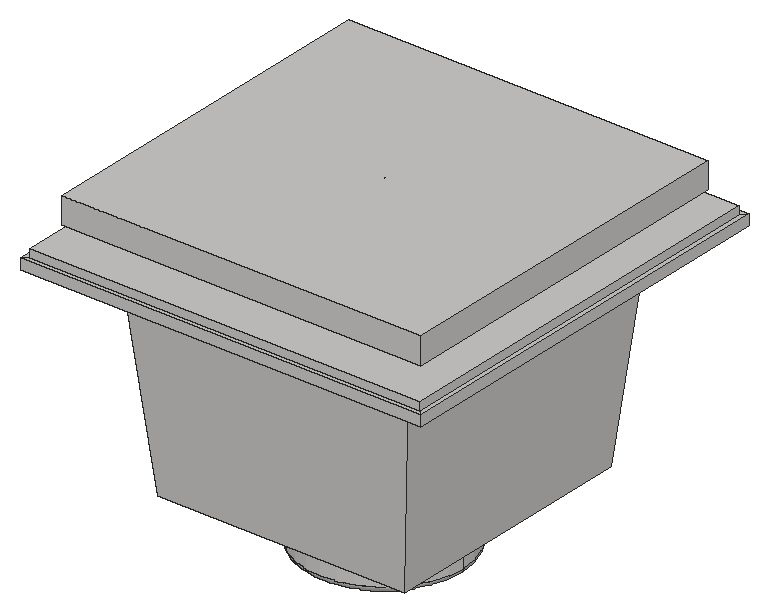
Revit family
Parameters
  Weight (lb) = 0
  Warranty = "1 year material and workmanship"  # constant formula
  URL = "http://JRSmith.com"
  Technical and Installation = "http://www.jrsmith.com/products/sanit/tech_data_index.htm"
  SmartBIM Object Version = 3  # constant formula
  SmartBIM Object Created By = "Reed Construction Data"  # constant formula
  Product URL = "http://www.jrsmith.com/products/sanit/submittal/d3110.pdf"
  Pipe Radius = Pipe Diameter / 2  # 3"
  OmniClass Title = "Sanitary Drains"  # constant formula
  OmniClass Code = "22-22 13 19 13"  # constant formula
  Model = "3200"
  Material Finish = Duco Coated
  Material = Stainless Steel Brushed
  Manufacturs URL = "http://JRSmith.com"
  Manufacturer = "Jay R. Smith Mfg. Co. "  # constant formula
  Maintenance = ""
  Description = "Cast iron flanged receptor with seepage holes, acid resistant coated interior, nickel bronze rim, and secured grate"  # constant formula
  Default Elevation = 48"
  Connection Type = ""
  Assembly Code = "D2030300"
  Pipe Diameter = 6"
  95 CSI = "15155"  # constant formula
  04 CSI = "22 13 19"  # constant formula
Reference planes (in)
  plane 1 "Center (Front/Back)": y = 0
  plane 2: z = 0
  plane 3 "Center (Left/Right)": x = 0
  plane 4: x = 3
  plane 5: x = -3
Forms (in)
  Revolve 1, solid, material "Stainless Steel Brushed" <- "Material"
    sketch origin (0, 0, -14.625) x (1, 0, 0) y (0, 0, 1)
      loop
        line (3, 0.27951) -> (3, 0) -> (3.44585, 0)
        arc (3.44585, 0) -> (3.58174, 0.0888) -> (3.63444, 0.24234) r 0.25
        line (3.63444, 0.24234) -> (3.63444, 2.33159)
        arc (3.63444, 2.33159) -> (3.79436, 2.39783) -> (3.8606, 2.55775) r 0.22616
        line (3.8606, 2.55775) -> (3.8606, 3.06011) -> (3.78393, 3.06011) -> (3.63991, 2.55775) -> (3.32813, 2.55775) -> (3.32813, 0.40451)
        arc (3.32813, 0.40451) -> (3.29151, 0.31613) -> (3.20313, 0.27951) r 0.125
        line (3.20313, 0.27951) -> (3, 0.27951)
      axis (0, 3.06011) -> (0, 0)
    angle from 0 to 360
  Extrusion 2, solid, material "Stainless Steel Brushed" <- "Material"
    sketch origin (0, 0, 11.54504) x (1, 0, 0) y (0, 1, 0)
      loop
        line (-4.88415, -5.11178) -> (4.88415, -5.11178) -> (4.88415, 5.11178) -> (-4.88415, 5.11178) -> (-4.88415, -5.11178)
      loop
        circle (0, 0) r 1.87958
    from -23.61228 to -23.10992
  Sweep 3, solid, material "Stainless Steel Brushed" <- "Material"
    path origin (0, 0, 0) x (1, 0, 0) y (0, 1, 0)
      loop
        line (8.02237, -8.25) -> (8.02237, 8.25) -> (-8.02237, 8.25) -> (-8.02237, -8.25) -> (8.02237, -8.25)
    profile origin (8.02237, 0, 0) x (-1, 0, 0) y (0, 0, 1)
      loop
        line (1.39554, -2.66301) -> (2.34522, -12.07708) -> (3.13822, -12.07708) -> (3.13822, -11.56489) -> (2.88753, -11.56489) -> (1.73059, -0.09537) -> (0.38731, -0.09537) -> (0.38731, -0.42464) -> (1.16974, -0.42464) -> (1.28968, -1.61367) -> (-0.94105, -1.61367) -> (-0.94105, -1.97996) -> (-1.17885, -1.95898) -> (-1.17885, -2.43589) -> (1.39554, -2.66301)
  Sweep 4, solid, material "Stainless Steel Brushed" <- "Material"
    path origin (0, 0, 0) x (1, 0, 0) y (0, 1, 0)
      loop
        line (6.02237, -6) -> (6.02237, 6) -> (-5.97763, 6) -> (-5.97763, -6) -> (6.02237, -6)
    profile origin (6.02237, 0, 0) x (-1, 0, 0) y (0, 0, 1)
      loop
        line (-1.71922, -0.77301) -> (-1.71922, -0.03892) -> (5.99112, -0.03892) -> (5.99112, 0.4375) -> (-2.25, 0.4375) -> (-2.25, -0.77301) -> (-1.71922, -0.77301)
Cuts and joins
  joined: Sweep 3, Sweep 4
Lines and regions (in)
  model lines
    curve 1: line (-3.98816, 3.67333, 0.4375) -> (-3.48816, 3.67333, 0.4375)
    curve 2: line (-3.98816, 3.17333, 0.4375) -> (-3.98816, 3.67333, 0.4375)
    curve 3: line (-3.48816, 3.17333, 0.4375) -> (-3.98816, 3.17333, 0.4375)
    curve 4: line (-3.48816, 3.67333, 0.4375) -> (-3.48816, 3.17333, 0.4375)
    curve 5: line (3.51184, 3.67333, 0.4375) -> (4.01184, 3.67333, 0.4375)
    curve 6: line (3.51184, 3.17333, 0.4375) -> (3.51184, 3.67333, 0.4375)
    curve 7: line (4.01184, 3.17333, 0.4375) -> (3.51184, 3.17333, 0.4375)
    curve 8: line (4.01184, 3.67333, 0.4375) -> (4.01184, 3.17333, 0.4375)
    curve 9: line (-2.91673, 3.67333, 0.4375) -> (-2.41673, 3.67333, 0.4375)
    curve 10: line (-2.91673, 3.17333, 0.4375) -> (-2.91673, 3.67333, 0.4375)
    curve 11: line (-2.41673, 3.17333, 0.4375) -> (-2.91673, 3.17333, 0.4375)
    curve 12: line (-2.41673, 3.67333, 0.4375) -> (-2.41673, 3.17333, 0.4375)
    curve 13: line (-1.8453, 3.67333, 0.4375) -> (-1.3453, 3.67333, 0.4375)
    curve 14: line (-1.8453, 3.17333, 0.4375) -> (-1.8453, 3.67333, 0.4375)
    curve 15: line (-1.3453, 3.17333, 0.4375) -> (-1.8453, 3.17333, 0.4375)
    curve 16: line (-1.3453, 3.67333, 0.4375) -> (-1.3453, 3.17333, 0.4375)
    curve 17: line (-0.77387, 3.67333, 0.4375) -> (-0.27387, 3.67333, 0.4375)
    curve 18: line (-0.77387, 3.17333, 0.4375) -> (-0.77387, 3.67333, 0.4375)
    curve 19: line (-0.27387, 3.17333, 0.4375) -> (-0.77387, 3.17333, 0.4375)
    curve 20: line (-0.27387, 3.67333, 0.4375) -> (-0.27387, 3.17333, 0.4375)
    curve 21: line (0.29756, 3.67333, 0.4375) -> (0.79756, 3.67333, 0.4375)
    curve 22: line (0.29756, 3.17333, 0.4375) -> (0.29756, 3.67333, 0.4375)
    curve 23: line (0.79756, 3.17333, 0.4375) -> (0.29756, 3.17333, 0.4375)
    curve 24: line (0.79756, 3.67333, 0.4375) -> (0.79756, 3.17333, 0.4375)
    curve 25: line (1.36898, 3.67333, 0.4375) -> (1.86898, 3.67333, 0.4375)
    curve 26: line (1.36898, 3.17333, 0.4375) -> (1.36898, 3.67333, 0.4375)
    curve 27: line (1.86898, 3.17333, 0.4375) -> (1.36898, 3.17333, 0.4375)
    curve 28: line (1.86898, 3.67333, 0.4375) -> (1.86898, 3.17333, 0.4375)
    curve 29: line (2.44041, 3.67333, 0.4375) -> (2.94041, 3.67333, 0.4375)
    curve 30: line (2.44041, 3.17333, 0.4375) -> (2.44041, 3.67333, 0.4375)
    curve 31: line (2.94041, 3.17333, 0.4375) -> (2.44041, 3.17333, 0.4375)
    curve 32: line (2.94041, 3.67333, 0.4375) -> (2.94041, 3.17333, 0.4375)
    curve 33: line (-3.98816, -4.07667, 0.4375) -> (-3.48816, -4.07667, 0.4375)
    curve 34: line (-3.98816, -4.57667, 0.4375) -> (-3.98816, -4.07667, 0.4375)
    curve 35: line (-3.48816, -4.57667, 0.4375) -> (-3.98816, -4.57667, 0.4375)
    curve 36: line (-3.48816, -4.07667, 0.4375) -> (-3.48816, -4.57667, 0.4375)
    curve 37: line (3.51184, -4.07667, 0.4375) -> (4.01184, -4.07667, 0.4375)
    curve 38: line (3.51184, -4.57667, 0.4375) -> (3.51184, -4.07667, 0.4375)
    curve 39: line (4.01184, -4.57667, 0.4375) -> (3.51184, -4.57667, 0.4375)
    curve 40: line (4.01184, -4.07667, 0.4375) -> (4.01184, -4.57667, 0.4375)
    curve 41: line (-2.91673, -4.07667, 0.4375) -> (-2.41673, -4.07667, 0.4375)
    curve 42: line (-2.91673, -4.57667, 0.4375) -> (-2.91673, -4.07667, 0.4375)
    curve 43: line (-2.41673, -4.57667, 0.4375) -> (-2.91673, -4.57667, 0.4375)
    curve 44: line (-2.41673, -4.07667, 0.4375) -> (-2.41673, -4.57667, 0.4375)
    curve 45: line (-1.8453, -4.07667, 0.4375) -> (-1.3453, -4.07667, 0.4375)
    curve 46: line (-1.8453, -4.57667, 0.4375) -> (-1.8453, -4.07667, 0.4375)
    curve 47: line (-1.3453, -4.57667, 0.4375) -> (-1.8453, -4.57667, 0.4375)
    curve 48: line (-1.3453, -4.07667, 0.4375) -> (-1.3453, -4.57667, 0.4375)
    curve 49: line (-0.77387, -4.07667, 0.4375) -> (-0.27387, -4.07667, 0.4375)
    curve 50: line (-0.77387, -4.57667, 0.4375) -> (-0.77387, -4.07667, 0.4375)
    curve 51: line (-0.27387, -4.57667, 0.4375) -> (-0.77387, -4.57667, 0.4375)
    curve 52: line (-0.27387, -4.07667, 0.4375) -> (-0.27387, -4.57667, 0.4375)
    curve 53: line (0.29756, -4.07667, 0.4375) -> (0.79756, -4.07667, 0.4375)
    curve 54: line (0.29756, -4.57667, 0.4375) -> (0.29756, -4.07667, 0.4375)
    curve 55: line (0.79756, -4.57667, 0.4375) -> (0.29756, -4.57667, 0.4375)
    curve 56: line (0.79756, -4.07667, 0.4375) -> (0.79756, -4.57667, 0.4375)
    curve 57: line (1.36898, -4.07667, 0.4375) -> (1.86898, -4.07667, 0.4375)
    curve 58: line (1.36898, -4.57667, 0.4375) -> (1.36898, -4.07667, 0.4375)
    curve 59: line (1.86898, -4.57667, 0.4375) -> (1.36898, -4.57667, 0.4375)
    curve 60: line (1.86898, -4.07667, 0.4375) -> (1.86898, -4.57667, 0.4375)
    curve 61: line (2.44041, -4.07667, 0.4375) -> (2.94041, -4.07667, 0.4375)
    curve 62: line (2.44041, -4.57667, 0.4375) -> (2.44041, -4.07667, 0.4375)
    curve 63: line (2.94041, -4.57667, 0.4375) -> (2.44041, -4.57667, 0.4375)
    curve 64: line (2.94041, -4.07667, 0.4375) -> (2.94041, -4.57667, 0.4375)
    curve 65: line (-3.98816, 2.81222, 0.4375) -> (-3.48816, 2.81222, 0.4375)
    curve 66: line (-3.98816, 2.31222, 0.4375) -> (-3.98816, 2.81222, 0.4375)
    curve 67: line (-3.48816, 2.31222, 0.4375) -> (-3.98816, 2.31222, 0.4375)
    curve 68: line (-3.48816, 2.81222, 0.4375) -> (-3.48816, 2.31222, 0.4375)
    curve 69: line (3.51184, 2.81222, 0.4375) -> (4.01184, 2.81222, 0.4375)
    curve 70: line (3.51184, 2.31222, 0.4375) -> (3.51184, 2.81222, 0.4375)
    curve 71: line (4.01184, 2.31222, 0.4375) -> (3.51184, 2.31222, 0.4375)
    curve 72: line (4.01184, 2.81222, 0.4375) -> (4.01184, 2.31222, 0.4375)
    curve 73: line (-2.91673, 2.81222, 0.4375) -> (-2.41673, 2.81222, 0.4375)
    curve 74: line (-2.91673, 2.31222, 0.4375) -> (-2.91673, 2.81222, 0.4375)
    curve 75: line (-2.41673, 2.31222, 0.4375) -> (-2.91673, 2.31222, 0.4375)
    curve 76: line (-2.41673, 2.81222, 0.4375) -> (-2.41673, 2.31222, 0.4375)
    curve 77: line (-1.8453, 2.81222, 0.4375) -> (-1.3453, 2.81222, 0.4375)
    curve 78: line (-1.8453, 2.31222, 0.4375) -> (-1.8453, 2.81222, 0.4375)
    curve 79: line (-1.3453, 2.31222, 0.4375) -> (-1.8453, 2.31222, 0.4375)
    curve 80: line (-1.3453, 2.81222, 0.4375) -> (-1.3453, 2.31222, 0.4375)
    curve 81: line (-0.77387, 2.81222, 0.4375) -> (-0.27387, 2.81222, 0.4375)
    curve 82: line (-0.77387, 2.31222, 0.4375) -> (-0.77387, 2.81222, 0.4375)
    curve 83: line (-0.27387, 2.31222, 0.4375) -> (-0.77387, 2.31222, 0.4375)
    curve 84: line (-0.27387, 2.81222, 0.4375) -> (-0.27387, 2.31222, 0.4375)
    curve 85: line (0.29756, 2.81222, 0.4375) -> (0.79756, 2.81222, 0.4375)
    curve 86: line (0.29756, 2.31222, 0.4375) -> (0.29756, 2.81222, 0.4375)
    curve 87: line (0.79756, 2.31222, 0.4375) -> (0.29756, 2.31222, 0.4375)
    curve 88: line (0.79756, 2.81222, 0.4375) -> (0.79756, 2.31222, 0.4375)
    curve 89: line (1.36898, 2.81222, 0.4375) -> (1.86898, 2.81222, 0.4375)
    curve 90: line (1.36898, 2.31222, 0.4375) -> (1.36898, 2.81222, 0.4375)
    curve 91: line (1.86898, 2.31222, 0.4375) -> (1.36898, 2.31222, 0.4375)
    curve 92: line (1.86898, 2.81222, 0.4375) -> (1.86898, 2.31222, 0.4375)
    curve 93: line (2.44041, 2.81222, 0.4375) -> (2.94041, 2.81222, 0.4375)
    curve 94: line (2.44041, 2.31222, 0.4375) -> (2.44041, 2.81222, 0.4375)
    curve 95: line (2.94041, 2.31222, 0.4375) -> (2.44041, 2.31222, 0.4375)
    curve 96: line (2.94041, 2.81222, 0.4375) -> (2.94041, 2.31222, 0.4375)
    curve 97: line (-3.98816, 1.95111, 0.4375) -> (-3.48816, 1.95111, 0.4375)
    curve 98: line (-3.98816, 1.45111, 0.4375) -> (-3.98816, 1.95111, 0.4375)
    curve 99: line (-3.48816, 1.45111, 0.4375) -> (-3.98816, 1.45111, 0.4375)
    curve 100: line (-3.48816, 1.95111, 0.4375) -> (-3.48816, 1.45111, 0.4375)
    curve 101: line (3.51184, 1.95111, 0.4375) -> (4.01184, 1.95111, 0.4375)
    curve 102: line (3.51184, 1.45111, 0.4375) -> (3.51184, 1.95111, 0.4375)
    curve 103: line (4.01184, 1.45111, 0.4375) -> (3.51184, 1.45111, 0.4375)
    curve 104: line (4.01184, 1.95111, 0.4375) -> (4.01184, 1.45111, 0.4375)
    curve 105: line (-2.91673, 1.95111, 0.4375) -> (-2.41673, 1.95111, 0.4375)
    curve 106: line (-2.91673, 1.45111, 0.4375) -> (-2.91673, 1.95111, 0.4375)
    curve 107: line (-2.41673, 1.45111, 0.4375) -> (-2.91673, 1.45111, 0.4375)
    curve 108: line (-2.41673, 1.95111, 0.4375) -> (-2.41673, 1.45111, 0.4375)
    curve 109: line (-1.8453, 1.95111, 0.4375) -> (-1.3453, 1.95111, 0.4375)
    curve 110: line (-1.8453, 1.45111, 0.4375) -> (-1.8453, 1.95111, 0.4375)
    curve 111: line (-1.3453, 1.45111, 0.4375) -> (-1.8453, 1.45111, 0.4375)
    curve 112: line (-1.3453, 1.95111, 0.4375) -> (-1.3453, 1.45111, 0.4375)
    curve 113: line (-0.77387, 1.95111, 0.4375) -> (-0.27387, 1.95111, 0.4375)
    curve 114: line (-0.77387, 1.45111, 0.4375) -> (-0.77387, 1.95111, 0.4375)
    curve 115: line (-0.27387, 1.45111, 0.4375) -> (-0.77387, 1.45111, 0.4375)
    curve 116: line (-0.27387, 1.95111, 0.4375) -> (-0.27387, 1.45111, 0.4375)
    curve 117: line (0.29756, 1.95111, 0.4375) -> (0.79756, 1.95111, 0.4375)
    curve 118: line (0.29756, 1.45111, 0.4375) -> (0.29756, 1.95111, 0.4375)
    curve 119: line (0.79756, 1.45111, 0.4375) -> (0.29756, 1.45111, 0.4375)
    curve 120: line (0.79756, 1.95111, 0.4375) -> (0.79756, 1.45111, 0.4375)
    curve 121: line (1.36898, 1.95111, 0.4375) -> (1.86898, 1.95111, 0.4375)
    curve 122: line (1.36898, 1.45111, 0.4375) -> (1.36898, 1.95111, 0.4375)
    curve 123: line (1.86898, 1.45111, 0.4375) -> (1.36898, 1.45111, 0.4375)
    curve 124: line (1.86898, 1.95111, 0.4375) -> (1.86898, 1.45111, 0.4375)
    curve 125: line (2.44041, 1.95111, 0.4375) -> (2.94041, 1.95111, 0.4375)
    curve 126: line (2.44041, 1.45111, 0.4375) -> (2.44041, 1.95111, 0.4375)
    curve 127: line (2.94041, 1.45111, 0.4375) -> (2.44041, 1.45111, 0.4375)
    curve 128: line (2.94041, 1.95111, 0.4375) -> (2.94041, 1.45111, 0.4375)
    curve 129: line (-3.98816, 1.09, 0.4375) -> (-3.48816, 1.09, 0.4375)
    curve 130: line (-3.98816, 0.59, 0.4375) -> (-3.98816, 1.09, 0.4375)
    curve 131: line (-3.48816, 0.59, 0.4375) -> (-3.98816, 0.59, 0.4375)
    curve 132: line (-3.48816, 1.09, 0.4375) -> (-3.48816, 0.59, 0.4375)
    curve 133: line (3.51184, 1.09, 0.4375) -> (4.01184, 1.09, 0.4375)
    curve 134: line (3.51184, 0.59, 0.4375) -> (3.51184, 1.09, 0.4375)
    curve 135: line (4.01184, 0.59, 0.4375) -> (3.51184, 0.59, 0.4375)
    curve 136: line (4.01184, 1.09, 0.4375) -> (4.01184, 0.59, 0.4375)
    curve 137: line (-2.91673, 1.09, 0.4375) -> (-2.41673, 1.09, 0.4375)
    curve 138: line (-2.91673, 0.59, 0.4375) -> (-2.91673, 1.09, 0.4375)
    curve 139: line (-2.41673, 0.59, 0.4375) -> (-2.91673, 0.59, 0.4375)
    curve 140: line (-2.41673, 1.09, 0.4375) -> (-2.41673, 0.59, 0.4375)
    curve 141: line (-1.8453, 1.09, 0.4375) -> (-1.3453, 1.09, 0.4375)
    curve 142: line (-1.8453, 0.59, 0.4375) -> (-1.8453, 1.09, 0.4375)
    curve 143: line (-1.3453, 0.59, 0.4375) -> (-1.8453, 0.59, 0.4375)
    curve 144: line (-1.3453, 1.09, 0.4375) -> (-1.3453, 0.59, 0.4375)
    curve 145: line (-0.77387, 1.09, 0.4375) -> (-0.27387, 1.09, 0.4375)
    curve 146: line (-0.77387, 0.59, 0.4375) -> (-0.77387, 1.09, 0.4375)
    curve 147: line (-0.27387, 0.59, 0.4375) -> (-0.77387, 0.59, 0.4375)
    curve 148: line (-0.27387, 1.09, 0.4375) -> (-0.27387, 0.59, 0.4375)
    curve 149: line (0.29756, 1.09, 0.4375) -> (0.79756, 1.09, 0.4375)
    curve 150: line (0.29756, 0.59, 0.4375) -> (0.29756, 1.09, 0.4375)
    curve 151: line (0.79756, 0.59, 0.4375) -> (0.29756, 0.59, 0.4375)
    curve 152: line (0.79756, 1.09, 0.4375) -> (0.79756, 0.59, 0.4375)
    curve 153: line (1.36898, 1.09, 0.4375) -> (1.86898, 1.09, 0.4375)
    curve 154: line (1.36898, 0.59, 0.4375) -> (1.36898, 1.09, 0.4375)
    curve 155: line (1.86898, 0.59, 0.4375) -> (1.36898, 0.59, 0.4375)
    curve 156: line (1.86898, 1.09, 0.4375) -> (1.86898, 0.59, 0.4375)
    curve 157: line (2.44041, 1.09, 0.4375) -> (2.94041, 1.09, 0.4375)
    curve 158: line (2.44041, 0.59, 0.4375) -> (2.44041, 1.09, 0.4375)
    curve 159: line (2.94041, 0.59, 0.4375) -> (2.44041, 0.59, 0.4375)
    curve 160: line (2.94041, 1.09, 0.4375) -> (2.94041, 0.59, 0.4375)
    curve 161: line (-3.98816, 0.22889, 0.4375) -> (-3.48816, 0.22889, 0.4375)
    curve 162: line (-3.98816, -0.27111, 0.4375) -> (-3.98816, 0.22889, 0.4375)
    curve 163: line (-3.48816, -0.27111, 0.4375) -> (-3.98816, -0.27111, 0.4375)
    curve 164: line (-3.48816, 0.22889, 0.4375) -> (-3.48816, -0.27111, 0.4375)
    curve 165: line (3.51184, 0.22889, 0.4375) -> (4.01184, 0.22889, 0.4375)
    curve 166: line (3.51184, -0.27111, 0.4375) -> (3.51184, 0.22889, 0.4375)
    curve 167: line (4.01184, -0.27111, 0.4375) -> (3.51184, -0.27111, 0.4375)
    curve 168: line (4.01184, 0.22889, 0.4375) -> (4.01184, -0.27111, 0.4375)
    curve 169: line (-2.91673, 0.22889, 0.4375) -> (-2.41673, 0.22889, 0.4375)
    curve 170: line (-2.91673, -0.27111, 0.4375) -> (-2.91673, 0.22889, 0.4375)
    curve 171: line (-2.41673, -0.27111, 0.4375) -> (-2.91673, -0.27111, 0.4375)
    curve 172: line (-2.41673, 0.22889, 0.4375) -> (-2.41673, -0.27111, 0.4375)
    curve 173: line (-1.8453, 0.22889, 0.4375) -> (-1.3453, 0.22889, 0.4375)
    curve 174: line (-1.8453, -0.27111, 0.4375) -> (-1.8453, 0.22889, 0.4375)
    curve 175: line (-1.3453, -0.27111, 0.4375) -> (-1.8453, -0.27111, 0.4375)
    curve 176: line (-1.3453, 0.22889, 0.4375) -> (-1.3453, -0.27111, 0.4375)
    curve 177: line (-0.77387, 0.22889, 0.4375) -> (-0.27387, 0.22889, 0.4375)
    curve 178: line (-0.77387, -0.27111, 0.4375) -> (-0.77387, 0.22889, 0.4375)
    curve 179: line (-0.27387, -0.27111, 0.4375) -> (-0.77387, -0.27111, 0.4375)
    curve 180: line (-0.27387, 0.22889, 0.4375) -> (-0.27387, -0.27111, 0.4375)
    curve 181: line (0.29756, 0.22889, 0.4375) -> (0.79756, 0.22889, 0.4375)
    curve 182: line (0.29756, -0.27111, 0.4375) -> (0.29756, 0.22889, 0.4375)
    curve 183: line (0.79756, -0.27111, 0.4375) -> (0.29756, -0.27111, 0.4375)
    curve 184: line (0.79756, 0.22889, 0.4375) -> (0.79756, -0.27111, 0.4375)
    curve 185: line (1.36898, 0.22889, 0.4375) -> (1.86898, 0.22889, 0.4375)
    curve 186: line (1.36898, -0.27111, 0.4375) -> (1.36898, 0.22889, 0.4375)
    curve 187: line (1.86898, -0.27111, 0.4375) -> (1.36898, -0.27111, 0.4375)
    curve 188: line (1.86898, 0.22889, 0.4375) -> (1.86898, -0.27111, 0.4375)
    curve 189: line (2.44041, 0.22889, 0.4375) -> (2.94041, 0.22889, 0.4375)
    curve 190: line (2.44041, -0.27111, 0.4375) -> (2.44041, 0.22889, 0.4375)
    curve 191: line (2.94041, -0.27111, 0.4375) -> (2.44041, -0.27111, 0.4375)
    curve 192: line (2.94041, 0.22889, 0.4375) -> (2.94041, -0.27111, 0.4375)
    curve 193: line (-3.98816, -0.63222, 0.4375) -> (-3.48816, -0.63222, 0.4375)
    curve 194: line (-3.98816, -1.13222, 0.4375) -> (-3.98816, -0.63222, 0.4375)
    curve 195: line (-3.48816, -1.13222, 0.4375) -> (-3.98816, -1.13222, 0.4375)
    curve 196: line (-3.48816, -0.63222, 0.4375) -> (-3.48816, -1.13222, 0.4375)
    curve 197: line (3.51184, -0.63222, 0.4375) -> (4.01184, -0.63222, 0.4375)
    curve 198: line (3.51184, -1.13222, 0.4375) -> (3.51184, -0.63222, 0.4375)
    curve 199: line (4.01184, -1.13222, 0.4375) -> (3.51184, -1.13222, 0.4375)
    curve 200: line (4.01184, -0.63222, 0.4375) -> (4.01184, -1.13222, 0.4375)
    curve 201: line (-2.91673, -0.63222, 0.4375) -> (-2.41673, -0.63222, 0.4375)
    curve 202: line (-2.91673, -1.13222, 0.4375) -> (-2.91673, -0.63222, 0.4375)
    curve 203: line (-2.41673, -1.13222, 0.4375) -> (-2.91673, -1.13222, 0.4375)
    curve 204: line (-2.41673, -0.63222, 0.4375) -> (-2.41673, -1.13222, 0.4375)
    curve 205: line (-1.8453, -0.63222, 0.4375) -> (-1.3453, -0.63222, 0.4375)
    curve 206: line (-1.8453, -1.13222, 0.4375) -> (-1.8453, -0.63222, 0.4375)
    curve 207: line (-1.3453, -1.13222, 0.4375) -> (-1.8453, -1.13222, 0.4375)
    curve 208: line (-1.3453, -0.63222, 0.4375) -> (-1.3453, -1.13222, 0.4375)
    curve 209: line (-0.77387, -0.63222, 0.4375) -> (-0.27387, -0.63222, 0.4375)
    curve 210: line (-0.77387, -1.13222, 0.4375) -> (-0.77387, -0.63222, 0.4375)
    curve 211: line (-0.27387, -1.13222, 0.4375) -> (-0.77387, -1.13222, 0.4375)
    curve 212: line (-0.27387, -0.63222, 0.4375) -> (-0.27387, -1.13222, 0.4375)
    curve 213: line (0.29756, -0.63222, 0.4375) -> (0.79756, -0.63222, 0.4375)
    curve 214: line (0.29756, -1.13222, 0.4375) -> (0.29756, -0.63222, 0.4375)
    curve 215: line (0.79756, -1.13222, 0.4375) -> (0.29756, -1.13222, 0.4375)
    curve 216: line (0.79756, -0.63222, 0.4375) -> (0.79756, -1.13222, 0.4375)
    curve 217: line (1.36898, -0.63222, 0.4375) -> (1.86898, -0.63222, 0.4375)
    curve 218: line (1.36898, -1.13222, 0.4375) -> (1.36898, -0.63222, 0.4375)
    curve 219: line (1.86898, -1.13222, 0.4375) -> (1.36898, -1.13222, 0.4375)
    curve 220: line (1.86898, -0.63222, 0.4375) -> (1.86898, -1.13222, 0.4375)
    curve 221: line (2.44041, -0.63222, 0.4375) -> (2.94041, -0.63222, 0.4375)
    curve 222: line (2.44041, -1.13222, 0.4375) -> (2.44041, -0.63222, 0.4375)
    curve 223: line (2.94041, -1.13222, 0.4375) -> (2.44041, -1.13222, 0.4375)
    curve 224: line (2.94041, -0.63222, 0.4375) -> (2.94041, -1.13222, 0.4375)
    curve 225: line (-3.98816, -1.49333, 0.4375) -> (-3.48816, -1.49333, 0.4375)
    curve 226: line (-3.98816, -1.99333, 0.4375) -> (-3.98816, -1.49333, 0.4375)
    curve 227: line (-3.48816, -1.99333, 0.4375) -> (-3.98816, -1.99333, 0.4375)
    curve 228: line (-3.48816, -1.49333, 0.4375) -> (-3.48816, -1.99333, 0.4375)
    curve 229: line (3.51184, -1.49333, 0.4375) -> (4.01184, -1.49333, 0.4375)
    curve 230: line (3.51184, -1.99333, 0.4375) -> (3.51184, -1.49333, 0.4375)
    curve 231: line (4.01184, -1.99333, 0.4375) -> (3.51184, -1.99333, 0.4375)
    curve 232: line (4.01184, -1.49333, 0.4375) -> (4.01184, -1.99333, 0.4375)
    curve 233: line (-2.91673, -1.49333, 0.4375) -> (-2.41673, -1.49333, 0.4375)
    curve 234: line (-2.91673, -1.99333, 0.4375) -> (-2.91673, -1.49333, 0.4375)
    curve 235: line (-2.41673, -1.99333, 0.4375) -> (-2.91673, -1.99333, 0.4375)
    curve 236: line (-2.41673, -1.49333, 0.4375) -> (-2.41673, -1.99333, 0.4375)
    curve 237: line (-1.8453, -1.49333, 0.4375) -> (-1.3453, -1.49333, 0.4375)
    curve 238: line (-1.8453, -1.99333, 0.4375) -> (-1.8453, -1.49333, 0.4375)
    curve 239: line (-1.3453, -1.99333, 0.4375) -> (-1.8453, -1.99333, 0.4375)
    curve 240: line (-1.3453, -1.49333, 0.4375) -> (-1.3453, -1.99333, 0.4375)
    curve 241: line (-0.77387, -1.49333, 0.4375) -> (-0.27387, -1.49333, 0.4375)
    curve 242: line (-0.77387, -1.99333, 0.4375) -> (-0.77387, -1.49333, 0.4375)
    curve 243: line (-0.27387, -1.99333, 0.4375) -> (-0.77387, -1.99333, 0.4375)
    curve 244: line (-0.27387, -1.49333, 0.4375) -> (-0.27387, -1.99333, 0.4375)
    curve 245: line (0.29756, -1.49333, 0.4375) -> (0.79756, -1.49333, 0.4375)
    curve 246: line (0.29756, -1.99333, 0.4375) -> (0.29756, -1.49333, 0.4375)
    curve 247: line (0.79756, -1.99333, 0.4375) -> (0.29756, -1.99333, 0.4375)
    curve 248: line (0.79756, -1.49333, 0.4375) -> (0.79756, -1.99333, 0.4375)
    curve 249: line (1.36898, -1.49333, 0.4375) -> (1.86898, -1.49333, 0.4375)
    curve 250: line (1.36898, -1.99333, 0.4375) -> (1.36898, -1.49333, 0.4375)
    curve 251: line (1.86898, -1.99333, 0.4375) -> (1.36898, -1.99333, 0.4375)
    curve 252: line (1.86898, -1.49333, 0.4375) -> (1.86898, -1.99333, 0.4375)
    curve 253: line (2.44041, -1.49333, 0.4375) -> (2.94041, -1.49333, 0.4375)
    curve 254: line (2.44041, -1.99333, 0.4375) -> (2.44041, -1.49333, 0.4375)
    curve 255: line (2.94041, -1.99333, 0.4375) -> (2.44041, -1.99333, 0.4375)
    curve 256: line (2.94041, -1.49333, 0.4375) -> (2.94041, -1.99333, 0.4375)
    curve 257: line (-3.98816, -2.35445, 0.4375) -> (-3.48816, -2.35445, 0.4375)
    curve 258: line (-3.98816, -2.85445, 0.4375) -> (-3.98816, -2.35445, 0.4375)
    curve 259: line (-3.48816, -2.85445, 0.4375) -> (-3.98816, -2.85445, 0.4375)
    curve 260: line (-3.48816, -2.35445, 0.4375) -> (-3.48816, -2.85445, 0.4375)
    curve 261: line (3.51184, -2.35445, 0.4375) -> (4.01184, -2.35445, 0.4375)
    curve 262: line (3.51184, -2.85445, 0.4375) -> (3.51184, -2.35445, 0.4375)
    curve 263: line (4.01184, -2.85445, 0.4375) -> (3.51184, -2.85445, 0.4375)
    curve 264: line (4.01184, -2.35445, 0.4375) -> (4.01184, -2.85445, 0.4375)
    curve 265: line (-2.91673, -2.35445, 0.4375) -> (-2.41673, -2.35445, 0.4375)
    curve 266: line (-2.91673, -2.85445, 0.4375) -> (-2.91673, -2.35445, 0.4375)
    curve 267: line (-2.41673, -2.85445, 0.4375) -> (-2.91673, -2.85445, 0.4375)
    curve 268: line (-2.41673, -2.35445, 0.4375) -> (-2.41673, -2.85445, 0.4375)
    curve 269: line (-1.8453, -2.35445, 0.4375) -> (-1.3453, -2.35445, 0.4375)
    curve 270: line (-1.8453, -2.85445, 0.4375) -> (-1.8453, -2.35445, 0.4375)
    curve 271: line (-1.3453, -2.85445, 0.4375) -> (-1.8453, -2.85445, 0.4375)
    curve 272: line (-1.3453, -2.35445, 0.4375) -> (-1.3453, -2.85445, 0.4375)
    curve 273: line (-0.77387, -2.35445, 0.4375) -> (-0.27387, -2.35445, 0.4375)
    curve 274: line (-0.77387, -2.85445, 0.4375) -> (-0.77387, -2.35445, 0.4375)
    curve 275: line (-0.27387, -2.85445, 0.4375) -> (-0.77387, -2.85445, 0.4375)
    curve 276: line (-0.27387, -2.35445, 0.4375) -> (-0.27387, -2.85445, 0.4375)
    curve 277: line (0.29756, -2.35445, 0.4375) -> (0.79756, -2.35445, 0.4375)
    curve 278: line (0.29756, -2.85445, 0.4375) -> (0.29756, -2.35445, 0.4375)
    curve 279: line (0.79756, -2.85445, 0.4375) -> (0.29756, -2.85445, 0.4375)
    curve 280: line (0.79756, -2.35445, 0.4375) -> (0.79756, -2.85445, 0.4375)
    curve 281: line (1.36898, -2.35445, 0.4375) -> (1.86898, -2.35445, 0.4375)
    curve 282: line (1.36898, -2.85445, 0.4375) -> (1.36898, -2.35445, 0.4375)
    curve 283: line (1.86898, -2.85445, 0.4375) -> (1.36898, -2.85445, 0.4375)
    curve 284: line (1.86898, -2.35445, 0.4375) -> (1.86898, -2.85445, 0.4375)
    curve 285: line (2.44041, -2.35445, 0.4375) -> (2.94041, -2.35445, 0.4375)
    curve 286: line (2.44041, -2.85445, 0.4375) -> (2.44041, -2.35445, 0.4375)
    curve 287: line (2.94041, -2.85445, 0.4375) -> (2.44041, -2.85445, 0.4375)
    curve 288: line (2.94041, -2.35445, 0.4375) -> (2.94041, -2.85445, 0.4375)
    curve 289: line (-3.98816, -3.21556, 0.4375) -> (-3.48816, -3.21556, 0.4375)
    curve 290: line (-3.98816, -3.71556, 0.4375) -> (-3.98816, -3.21556, 0.4375)
    curve 291: line (-3.48816, -3.71556, 0.4375) -> (-3.98816, -3.71556, 0.4375)
    curve 292: line (-3.48816, -3.21556, 0.4375) -> (-3.48816, -3.71556, 0.4375)
    curve 293: line (3.51184, -3.21556, 0.4375) -> (4.01184, -3.21556, 0.4375)
    curve 294: line (3.51184, -3.71556, 0.4375) -> (3.51184, -3.21556, 0.4375)
    curve 295: line (4.01184, -3.71556, 0.4375) -> (3.51184, -3.71556, 0.4375)
    curve 296: line (4.01184, -3.21556, 0.4375) -> (4.01184, -3.71556, 0.4375)
    curve 297: line (-2.91673, -3.21556, 0.4375) -> (-2.41673, -3.21556, 0.4375)
    curve 298: line (-2.91673, -3.71556, 0.4375) -> (-2.91673, -3.21556, 0.4375)
    curve 299: line (-2.41673, -3.71556, 0.4375) -> (-2.91673, -3.71556, 0.4375)
    curve 300: line (-2.41673, -3.21556, 0.4375) -> (-2.41673, -3.71556, 0.4375)
    curve 301: line (-1.8453, -3.21556, 0.4375) -> (-1.3453, -3.21556, 0.4375)
    curve 302: line (-1.8453, -3.71556, 0.4375) -> (-1.8453, -3.21556, 0.4375)
    curve 303: line (-1.3453, -3.71556, 0.4375) -> (-1.8453, -3.71556, 0.4375)
    curve 304: line (-1.3453, -3.21556, 0.4375) -> (-1.3453, -3.71556, 0.4375)
    curve 305: line (-0.77387, -3.21556, 0.4375) -> (-0.27387, -3.21556, 0.4375)
    curve 306: line (-0.77387, -3.71556, 0.4375) -> (-0.77387, -3.21556, 0.4375)
    curve 307: line (-0.27387, -3.71556, 0.4375) -> (-0.77387, -3.71556, 0.4375)
    curve 308: line (-0.27387, -3.21556, 0.4375) -> (-0.27387, -3.71556, 0.4375)
    curve 309: line (0.29756, -3.21556, 0.4375) -> (0.79756, -3.21556, 0.4375)
    curve 310: line (0.29756, -3.71556, 0.4375) -> (0.29756, -3.21556, 0.4375)
    curve 311: line (0.79756, -3.71556, 0.4375) -> (0.29756, -3.71556, 0.4375)
    curve 312: line (0.79756, -3.21556, 0.4375) -> (0.79756, -3.71556, 0.4375)
    curve 313: line (1.36898, -3.21556, 0.4375) -> (1.86898, -3.21556, 0.4375)
    curve 314: line (1.36898, -3.71556, 0.4375) -> (1.36898, -3.21556, 0.4375)
    curve 315: line (1.86898, -3.71556, 0.4375) -> (1.36898, -3.71556, 0.4375)
    curve 316: line (1.86898, -3.21556, 0.4375) -> (1.86898, -3.71556, 0.4375)
    curve 317: line (2.44041, -3.21556, 0.4375) -> (2.94041, -3.21556, 0.4375)
    curve 318: line (2.44041, -3.71556, 0.4375) -> (2.44041, -3.21556, 0.4375)
    curve 319: line (2.94041, -3.71556, 0.4375) -> (2.44041, -3.71556, 0.4375)
    curve 320: line (2.94041, -3.21556, 0.4375) -> (2.94041, -3.71556, 0.4375)
    curve 321: line (-8.08773, 8.12022, 0.4375) -> (8.09977, 8.12022, 0.4375)
    curve 322: line (-8.08773, -8.06728, 0.4375) -> (-8.08773, 8.12022, 0.4375)
    curve 323: line (8.09977, 8.12022, 0.4375) -> (8.09977, -8.06728, 0.4375)
    curve 324: line (8.09977, -8.06728, 0.4375) -> (-8.08773, -8.06728, 0.4375)
    curve 325: line (-7.76351, 7.796, 0.4375) -> (7.77555, 7.796, 0.4375)
    curve 326: line (7.77555, 7.796, 0.4375) -> (7.77555, -7.74307, 0.4375)
    curve 327: line (7.77555, -7.74307, 0.4375) -> (-7.76351, -7.74307, 0.4375)
    curve 328: line (-7.76351, -7.74307, 0.4375) -> (-7.76351, 7.796, 0.4375)
    curve 329: line (-3.98816, 4.53444, 0.4375) -> (-3.48816, 4.53444, 0.4375)
    curve 330: line (-3.98816, 4.03444, 0.4375) -> (-3.98816, 4.53444, 0.4375)
    curve 331: line (-3.48816, 4.03444, 0.4375) -> (-3.98816, 4.03444, 0.4375)
    curve 332: line (-3.48816, 4.53444, 0.4375) -> (-3.48816, 4.03444, 0.4375)
    curve 333: line (3.51184, 4.53444, 0.4375) -> (4.01184, 4.53444, 0.4375)
    curve 334: line (3.51184, 4.03444, 0.4375) -> (3.51184, 4.53444, 0.4375)
    curve 335: line (4.01184, 4.03444, 0.4375) -> (3.51184, 4.03444, 0.4375)
    curve 336: line (4.01184, 4.53444, 0.4375) -> (4.01184, 4.03444, 0.4375)
    curve 337: line (-2.91673, 4.53444, 0.4375) -> (-2.41673, 4.53444, 0.4375)
    curve 338: line (-2.91673, 4.03444, 0.4375) -> (-2.91673, 4.53444, 0.4375)
    curve 339: line (-2.41673, 4.03444, 0.4375) -> (-2.91673, 4.03444, 0.4375)
    curve 340: line (-2.41673, 4.53444, 0.4375) -> (-2.41673, 4.03444, 0.4375)
    curve 341: line (-1.8453, 4.53444, 0.4375) -> (-1.3453, 4.53444, 0.4375)
    curve 342: line (-1.8453, 4.03444, 0.4375) -> (-1.8453, 4.53444, 0.4375)
    curve 343: line (-1.3453, 4.03444, 0.4375) -> (-1.8453, 4.03444, 0.4375)
    curve 344: line (-1.3453, 4.53444, 0.4375) -> (-1.3453, 4.03444, 0.4375)
    curve 345: line (-0.77387, 4.53444, 0.4375) -> (-0.27387, 4.53444, 0.4375)
    curve 346: line (-0.77387, 4.03444, 0.4375) -> (-0.77387, 4.53444, 0.4375)
    curve 347: line (-0.27387, 4.03444, 0.4375) -> (-0.77387, 4.03444, 0.4375)
    curve 348: line (-0.27387, 4.53444, 0.4375) -> (-0.27387, 4.03444, 0.4375)
    curve 349: line (0.29756, 4.53444, 0.4375) -> (0.79756, 4.53444, 0.4375)
    curve 350: line (0.29756, 4.03444, 0.4375) -> (0.29756, 4.53444, 0.4375)
    curve 351: line (0.79756, 4.03444, 0.4375) -> (0.29756, 4.03444, 0.4375)
    curve 352: line (0.79756, 4.53444, 0.4375) -> (0.79756, 4.03444, 0.4375)
    curve 353: line (1.36898, 4.53444, 0.4375) -> (1.86898, 4.53444, 0.4375)
    curve 354: line (1.36898, 4.03444, 0.4375) -> (1.36898, 4.53444, 0.4375)
    curve 355: line (1.86898, 4.03444, 0.4375) -> (1.36898, 4.03444, 0.4375)
    curve 356: line (1.86898, 4.53444, 0.4375) -> (1.86898, 4.03444, 0.4375)
    curve 357: line (2.44041, 4.53444, 0.4375) -> (2.94041, 4.53444, 0.4375)
    curve 358: line (2.44041, 4.03444, 0.4375) -> (2.44041, 4.53444, 0.4375)
    curve 359: line (2.94041, 4.03444, 0.4375) -> (2.44041, 4.03444, 0.4375)
    curve 360: line (2.94041, 4.53444, 0.4375) -> (2.94041, 4.03444, 0.4375)
    curve 361: line (4.58327, 3.67333, 0.4375) -> (5.08327, 3.67333, 0.4375)
    curve 362: line (4.58327, 3.17333, 0.4375) -> (4.58327, 3.67333, 0.4375)
    curve 363: line (5.08327, 3.17333, 0.4375) -> (4.58327, 3.17333, 0.4375)
    curve 364: line (5.08327, 3.67333, 0.4375) -> (5.08327, 3.17333, 0.4375)
    curve 365: line (4.58327, -4.07667, 0.4375) -> (5.08327, -4.07667, 0.4375)
    curve 366: line (4.58327, -4.57667, 0.4375) -> (4.58327, -4.07667, 0.4375)
    curve 367: line (5.08327, -4.57667, 0.4375) -> (4.58327, -4.57667, 0.4375)
    curve 368: line (5.08327, -4.07667, 0.4375) -> (5.08327, -4.57667, 0.4375)
    curve 369: line (4.58327, 2.81222, 0.4375) -> (5.08327, 2.81222, 0.4375)
    curve 370: line (4.58327, 2.31222, 0.4375) -> (4.58327, 2.81222, 0.4375)
    curve 371: line (5.08327, 2.31222, 0.4375) -> (4.58327, 2.31222, 0.4375)
    curve 372: line (5.08327, 2.81222, 0.4375) -> (5.08327, 2.31222, 0.4375)
    curve 373: line (4.58327, 1.95111, 0.4375) -> (5.08327, 1.95111, 0.4375)
    curve 374: line (4.58327, 1.45111, 0.4375) -> (4.58327, 1.95111, 0.4375)
    curve 375: line (5.08327, 1.45111, 0.4375) -> (4.58327, 1.45111, 0.4375)
    curve 376: line (5.08327, 1.95111, 0.4375) -> (5.08327, 1.45111, 0.4375)
    curve 377: line (4.58327, 1.09, 0.4375) -> (5.08327, 1.09, 0.4375)
    curve 378: line (4.58327, 0.59, 0.4375) -> (4.58327, 1.09, 0.4375)
    curve 379: line (5.08327, 0.59, 0.4375) -> (4.58327, 0.59, 0.4375)
    curve 380: line (5.08327, 1.09, 0.4375) -> (5.08327, 0.59, 0.4375)
    curve 381: line (4.58327, 0.22889, 0.4375) -> (5.08327, 0.22889, 0.4375)
    curve 382: line (4.58327, -0.27111, 0.4375) -> (4.58327, 0.22889, 0.4375)
    curve 383: line (5.08327, -0.27111, 0.4375) -> (4.58327, -0.27111, 0.4375)
    curve 384: line (5.08327, 0.22889, 0.4375) -> (5.08327, -0.27111, 0.4375)
    curve 385: line (4.58327, -0.63222, 0.4375) -> (5.08327, -0.63222, 0.4375)
    curve 386: line (4.58327, -1.13222, 0.4375) -> (4.58327, -0.63222, 0.4375)
    curve 387: line (5.08327, -1.13222, 0.4375) -> (4.58327, -1.13222, 0.4375)
    curve 388: line (5.08327, -0.63222, 0.4375) -> (5.08327, -1.13222, 0.4375)
    curve 389: line (4.58327, -1.49333, 0.4375) -> (5.08327, -1.49333, 0.4375)
    curve 390: line (4.58327, -1.99333, 0.4375) -> (4.58327, -1.49333, 0.4375)
    curve 391: line (5.08327, -1.99333, 0.4375) -> (4.58327, -1.99333, 0.4375)
    curve 392: line (5.08327, -1.49333, 0.4375) -> (5.08327, -1.99333, 0.4375)
    curve 393: line (4.58327, -2.35445, 0.4375) -> (5.08327, -2.35445, 0.4375)
    curve 394: line (4.58327, -2.85445, 0.4375) -> (4.58327, -2.35445, 0.4375)
    curve 395: line (5.08327, -2.85445, 0.4375) -> (4.58327, -2.85445, 0.4375)
    curve 396: line (5.08327, -2.35445, 0.4375) -> (5.08327, -2.85445, 0.4375)
    curve 397: line (4.58327, -3.21556, 0.4375) -> (5.08327, -3.21556, 0.4375)
    curve 398: line (4.58327, -3.71556, 0.4375) -> (4.58327, -3.21556, 0.4375)
    curve 399: line (5.08327, -3.71556, 0.4375) -> (4.58327, -3.71556, 0.4375)
    curve 400: line (5.08327, -3.21556, 0.4375) -> (5.08327, -3.71556, 0.4375)
    curve 401: line (4.58327, 4.53444, 0.4375) -> (5.08327, 4.53444, 0.4375)
    curve 402: line (4.58327, 4.03444, 0.4375) -> (4.58327, 4.53444, 0.4375)
    curve 403: line (5.08327, 4.03444, 0.4375) -> (4.58327, 4.03444, 0.4375)
    curve 404: line (5.08327, 4.53444, 0.4375) -> (5.08327, 4.03444, 0.4375)
    curve 405: line (5.6547, 3.67333, 0.4375) -> (6.1547, 3.67333, 0.4375)
    curve 406: line (5.6547, 3.17333, 0.4375) -> (5.6547, 3.67333, 0.4375)
    curve 407: line (6.1547, 3.17333, 0.4375) -> (5.6547, 3.17333, 0.4375)
    curve 408: line (6.1547, 3.67333, 0.4375) -> (6.1547, 3.17333, 0.4375)
    curve 409: line (5.6547, -4.07667, 0.4375) -> (6.1547, -4.07667, 0.4375)
    curve 410: line (5.6547, -4.57667, 0.4375) -> (5.6547, -4.07667, 0.4375)
    curve 411: line (6.1547, -4.57667, 0.4375) -> (5.6547, -4.57667, 0.4375)
    curve 412: line (6.1547, -4.07667, 0.4375) -> (6.1547, -4.57667, 0.4375)
    curve 413: line (5.6547, 2.81222, 0.4375) -> (6.1547, 2.81222, 0.4375)
    curve 414: line (5.6547, 2.31222, 0.4375) -> (5.6547, 2.81222, 0.4375)
    curve 415: line (6.1547, 2.31222, 0.4375) -> (5.6547, 2.31222, 0.4375)
    curve 416: line (6.1547, 2.81222, 0.4375) -> (6.1547, 2.31222, 0.4375)
    curve 417: line (5.6547, 1.95111, 0.4375) -> (6.1547, 1.95111, 0.4375)
    curve 418: line (5.6547, 1.45111, 0.4375) -> (5.6547, 1.95111, 0.4375)
    curve 419: line (6.1547, 1.45111, 0.4375) -> (5.6547, 1.45111, 0.4375)
    curve 420: line (6.1547, 1.95111, 0.4375) -> (6.1547, 1.45111, 0.4375)
    curve 421: line (5.6547, 1.09, 0.4375) -> (6.1547, 1.09, 0.4375)
    curve 422: line (5.6547, 0.59, 0.4375) -> (5.6547, 1.09, 0.4375)
    curve 423: line (6.1547, 0.59, 0.4375) -> (5.6547, 0.59, 0.4375)
    curve 424: line (6.1547, 1.09, 0.4375) -> (6.1547, 0.59, 0.4375)
    curve 425: line (5.6547, 0.22889, 0.4375) -> (6.1547, 0.22889, 0.4375)
    curve 426: line (5.6547, -0.27111, 0.4375) -> (5.6547, 0.22889, 0.4375)
    curve 427: line (6.1547, -0.27111, 0.4375) -> (5.6547, -0.27111, 0.4375)
    curve 428: line (6.1547, 0.22889, 0.4375) -> (6.1547, -0.27111, 0.4375)
    curve 429: line (5.6547, -0.63222, 0.4375) -> (6.1547, -0.63222, 0.4375)
    curve 430: line (5.6547, -1.13222, 0.4375) -> (5.6547, -0.63222, 0.4375)
    curve 431: line (6.1547, -1.13222, 0.4375) -> (5.6547, -1.13222, 0.4375)
    curve 432: line (6.1547, -0.63222, 0.4375) -> (6.1547, -1.13222, 0.4375)
    curve 433: line (5.6547, -1.49333, 0.4375) -> (6.1547, -1.49333, 0.4375)
    curve 434: line (5.6547, -1.99333, 0.4375) -> (5.6547, -1.49333, 0.4375)
    curve 435: line (6.1547, -1.99333, 0.4375) -> (5.6547, -1.99333, 0.4375)
    curve 436: line (6.1547, -1.49333, 0.4375) -> (6.1547, -1.99333, 0.4375)
    curve 437: line (5.6547, -2.35445, 0.4375) -> (6.1547, -2.35445, 0.4375)
    curve 438: line (5.6547, -2.85445, 0.4375) -> (5.6547, -2.35445, 0.4375)
    curve 439: line (6.1547, -2.85445, 0.4375) -> (5.6547, -2.85445, 0.4375)
    curve 440: line (6.1547, -2.35445, 0.4375) -> (6.1547, -2.85445, 0.4375)
    curve 441: line (5.6547, -3.21556, 0.4375) -> (6.1547, -3.21556, 0.4375)
    curve 442: line (5.6547, -3.71556, 0.4375) -> (5.6547, -3.21556, 0.4375)
    curve 443: line (6.1547, -3.71556, 0.4375) -> (5.6547, -3.71556, 0.4375)
    curve 444: line (6.1547, -3.21556, 0.4375) -> (6.1547, -3.71556, 0.4375)
    curve 445: line (5.6547, 4.53444, 0.4375) -> (6.1547, 4.53444, 0.4375)
    curve 446: line (5.6547, 4.03444, 0.4375) -> (5.6547, 4.53444, 0.4375)
    curve 447: line (6.1547, 4.03444, 0.4375) -> (5.6547, 4.03444, 0.4375)
    curve 448: line (6.1547, 4.53444, 0.4375) -> (6.1547, 4.03444, 0.4375)
    curve 449: line (6.72613, 3.67333, 0.4375) -> (7.22613, 3.67333, 0.4375)
    curve 450: line (6.72613, 3.17333, 0.4375) -> (6.72613, 3.67333, 0.4375)
    curve 451: line (7.22613, 3.17333, 0.4375) -> (6.72613, 3.17333, 0.4375)
    curve 452: line (7.22613, 3.67333, 0.4375) -> (7.22613, 3.17333, 0.4375)
    curve 453: line (6.72613, -4.07667, 0.4375) -> (7.22613, -4.07667, 0.4375)
    curve 454: line (6.72613, -4.57667, 0.4375) -> (6.72613, -4.07667, 0.4375)
    curve 455: line (7.22613, -4.57667, 0.4375) -> (6.72613, -4.57667, 0.4375)
    curve 456: line (7.22613, -4.07667, 0.4375) -> (7.22613, -4.57667, 0.4375)
    curve 457: line (6.72613, 2.81222, 0.4375) -> (7.22613, 2.81222, 0.4375)
    curve 458: line (6.72613, 2.31222, 0.4375) -> (6.72613, 2.81222, 0.4375)
    curve 459: line (7.22613, 2.31222, 0.4375) -> (6.72613, 2.31222, 0.4375)
    curve 460: line (7.22613, 2.81222, 0.4375) -> (7.22613, 2.31222, 0.4375)
    curve 461: line (6.72613, 1.95111, 0.4375) -> (7.22613, 1.95111, 0.4375)
    curve 462: line (6.72613, 1.45111, 0.4375) -> (6.72613, 1.95111, 0.4375)
    curve 463: line (7.22613, 1.45111, 0.4375) -> (6.72613, 1.45111, 0.4375)
    curve 464: line (7.22613, 1.95111, 0.4375) -> (7.22613, 1.45111, 0.4375)
    curve 465: line (6.72613, 1.09, 0.4375) -> (7.22613, 1.09, 0.4375)
    curve 466: line (6.72613, 0.59, 0.4375) -> (6.72613, 1.09, 0.4375)
    curve 467: line (7.22613, 0.59, 0.4375) -> (6.72613, 0.59, 0.4375)
    curve 468: line (7.22613, 1.09, 0.4375) -> (7.22613, 0.59, 0.4375)
    curve 469: line (6.72613, 0.22889, 0.4375) -> (7.22613, 0.22889, 0.4375)
    curve 470: line (6.72613, -0.27111, 0.4375) -> (6.72613, 0.22889, 0.4375)
    curve 471: line (7.22613, -0.27111, 0.4375) -> (6.72613, -0.27111, 0.4375)
    curve 472: line (7.22613, 0.22889, 0.4375) -> (7.22613, -0.27111, 0.4375)
    curve 473: line (6.72613, -0.63222, 0.4375) -> (7.22613, -0.63222, 0.4375)
    curve 474: line (6.72613, -1.13222, 0.4375) -> (6.72613, -0.63222, 0.4375)
    curve 475: line (7.22613, -1.13222, 0.4375) -> (6.72613, -1.13222, 0.4375)
    curve 476: line (7.22613, -0.63222, 0.4375) -> (7.22613, -1.13222, 0.4375)
    curve 477: line (6.72613, -1.49333, 0.4375) -> (7.22613, -1.49333, 0.4375)
    curve 478: line (6.72613, -1.99333, 0.4375) -> (6.72613, -1.49333, 0.4375)
    curve 479: line (7.22613, -1.99333, 0.4375) -> (6.72613, -1.99333, 0.4375)
    curve 480: line (7.22613, -1.49333, 0.4375) -> (7.22613, -1.99333, 0.4375)
    curve 481: line (6.72613, -2.35445, 0.4375) -> (7.22613, -2.35445, 0.4375)
    curve 482: line (6.72613, -2.85445, 0.4375) -> (6.72613, -2.35445, 0.4375)
    curve 483: line (7.22613, -2.85445, 0.4375) -> (6.72613, -2.85445, 0.4375)
    curve 484: line (7.22613, -2.35445, 0.4375) -> (7.22613, -2.85445, 0.4375)
    curve 485: line (6.72613, -3.21556, 0.4375) -> (7.22613, -3.21556, 0.4375)
    curve 486: line (6.72613, -3.71556, 0.4375) -> (6.72613, -3.21556, 0.4375)
    curve 487: line (7.22613, -3.71556, 0.4375) -> (6.72613, -3.71556, 0.4375)
    curve 488: line (7.22613, -3.21556, 0.4375) -> (7.22613, -3.71556, 0.4375)
    curve 489: line (6.72613, 4.53444, 0.4375) -> (7.22613, 4.53444, 0.4375)
    curve 490: line (6.72613, 4.03444, 0.4375) -> (6.72613, 4.53444, 0.4375)
    curve 491: line (7.22613, 4.03444, 0.4375) -> (6.72613, 4.03444, 0.4375)
    curve 492: line (7.22613, 4.53444, 0.4375) -> (7.22613, 4.03444, 0.4375)
    curve 493: line (-6.13102, 3.67333, 0.4375) -> (-5.63102, 3.67333, 0.4375)
    curve 494: line (-6.13102, 3.17333, 0.4375) -> (-6.13102, 3.67333, 0.4375)
    curve 495: line (-5.63102, 3.17333, 0.4375) -> (-6.13102, 3.17333, 0.4375)
    curve 496: line (-5.63102, 3.67333, 0.4375) -> (-5.63102, 3.17333, 0.4375)
    curve 497: line (-5.05959, 3.67333, 0.4375) -> (-4.55959, 3.67333, 0.4375)
    curve 498: line (-5.05959, 3.17333, 0.4375) -> (-5.05959, 3.67333, 0.4375)
    curve 499: line (-4.55959, 3.17333, 0.4375) -> (-5.05959, 3.17333, 0.4375)
    curve 500: line (-4.55959, 3.67333, 0.4375) -> (-4.55959, 3.17333, 0.4375)
    curve 501: line (-6.13102, -4.07667, 0.4375) -> (-5.63102, -4.07667, 0.4375)
    curve 502: line (-6.13102, -4.57667, 0.4375) -> (-6.13102, -4.07667, 0.4375)
    curve 503: line (-5.63102, -4.57667, 0.4375) -> (-6.13102, -4.57667, 0.4375)
    curve 504: line (-5.63102, -4.07667, 0.4375) -> (-5.63102, -4.57667, 0.4375)
    curve 505: line (-5.05959, -4.07667, 0.4375) -> (-4.55959, -4.07667, 0.4375)
    curve 506: line (-5.05959, -4.57667, 0.4375) -> (-5.05959, -4.07667, 0.4375)
    curve 507: line (-4.55959, -4.57667, 0.4375) -> (-5.05959, -4.57667, 0.4375)
    curve 508: line (-4.55959, -4.07667, 0.4375) -> (-4.55959, -4.57667, 0.4375)
    curve 509: line (-6.13102, 2.81222, 0.4375) -> (-5.63102, 2.81222, 0.4375)
    curve 510: line (-6.13102, 2.31222, 0.4375) -> (-6.13102, 2.81222, 0.4375)
    curve 511: line (-5.63102, 2.31222, 0.4375) -> (-6.13102, 2.31222, 0.4375)
    curve 512: line (-5.63102, 2.81222, 0.4375) -> (-5.63102, 2.31222, 0.4375)
    curve 513: line (-5.05959, 2.81222, 0.4375) -> (-4.55959, 2.81222, 0.4375)
    curve 514: line (-5.05959, 2.31222, 0.4375) -> (-5.05959, 2.81222, 0.4375)
    curve 515: line (-4.55959, 2.31222, 0.4375) -> (-5.05959, 2.31222, 0.4375)
    curve 516: line (-4.55959, 2.81222, 0.4375) -> (-4.55959, 2.31222, 0.4375)
    curve 517: line (-6.13102, 1.95111, 0.4375) -> (-5.63102, 1.95111, 0.4375)
    curve 518: line (-6.13102, 1.45111, 0.4375) -> (-6.13102, 1.95111, 0.4375)
    curve 519: line (-5.63102, 1.45111, 0.4375) -> (-6.13102, 1.45111, 0.4375)
    curve 520: line (-5.63102, 1.95111, 0.4375) -> (-5.63102, 1.45111, 0.4375)
    curve 521: line (-5.05959, 1.95111, 0.4375) -> (-4.55959, 1.95111, 0.4375)
    curve 522: line (-5.05959, 1.45111, 0.4375) -> (-5.05959, 1.95111, 0.4375)
    curve 523: line (-4.55959, 1.45111, 0.4375) -> (-5.05959, 1.45111, 0.4375)
    curve 524: line (-4.55959, 1.95111, 0.4375) -> (-4.55959, 1.45111, 0.4375)
    curve 525: line (-6.13102, 1.09, 0.4375) -> (-5.63102, 1.09, 0.4375)
    curve 526: line (-6.13102, 0.59, 0.4375) -> (-6.13102, 1.09, 0.4375)
    curve 527: line (-5.63102, 0.59, 0.4375) -> (-6.13102, 0.59, 0.4375)
    curve 528: line (-5.63102, 1.09, 0.4375) -> (-5.63102, 0.59, 0.4375)
    curve 529: line (-5.05959, 1.09, 0.4375) -> (-4.55959, 1.09, 0.4375)
    curve 530: line (-5.05959, 0.59, 0.4375) -> (-5.05959, 1.09, 0.4375)
    curve 531: line (-4.55959, 0.59, 0.4375) -> (-5.05959, 0.59, 0.4375)
    curve 532: line (-4.55959, 1.09, 0.4375) -> (-4.55959, 0.59, 0.4375)
    curve 533: line (-6.13102, 0.22889, 0.4375) -> (-5.63102, 0.22889, 0.4375)
    curve 534: line (-6.13102, -0.27111, 0.4375) -> (-6.13102, 0.22889, 0.4375)
    curve 535: line (-5.63102, -0.27111, 0.4375) -> (-6.13102, -0.27111, 0.4375)
    curve 536: line (-5.63102, 0.22889, 0.4375) -> (-5.63102, -0.27111, 0.4375)
    curve 537: line (-5.05959, 0.22889, 0.4375) -> (-4.55959, 0.22889, 0.4375)
    curve 538: line (-5.05959, -0.27111, 0.4375) -> (-5.05959, 0.22889, 0.4375)
    curve 539: line (-4.55959, -0.27111, 0.4375) -> (-5.05959, -0.27111, 0.4375)
    curve 540: line (-4.55959, 0.22889, 0.4375) -> (-4.55959, -0.27111, 0.4375)
    curve 541: line (-6.13102, -0.63222, 0.4375) -> (-5.63102, -0.63222, 0.4375)
    curve 542: line (-6.13102, -1.13222, 0.4375) -> (-6.13102, -0.63222, 0.4375)
    curve 543: line (-5.63102, -1.13222, 0.4375) -> (-6.13102, -1.13222, 0.4375)
    curve 544: line (-5.63102, -0.63222, 0.4375) -> (-5.63102, -1.13222, 0.4375)
    curve 545: line (-5.05959, -0.63222, 0.4375) -> (-4.55959, -0.63222, 0.4375)
    curve 546: line (-5.05959, -1.13222, 0.4375) -> (-5.05959, -0.63222, 0.4375)
    curve 547: line (-4.55959, -1.13222, 0.4375) -> (-5.05959, -1.13222, 0.4375)
    curve 548: line (-4.55959, -0.63222, 0.4375) -> (-4.55959, -1.13222, 0.4375)
    curve 549: line (-6.13102, -1.49333, 0.4375) -> (-5.63102, -1.49333, 0.4375)
    curve 550: line (-6.13102, -1.99333, 0.4375) -> (-6.13102, -1.49333, 0.4375)
    curve 551: line (-5.63102, -1.99333, 0.4375) -> (-6.13102, -1.99333, 0.4375)
    curve 552: line (-5.63102, -1.49333, 0.4375) -> (-5.63102, -1.99333, 0.4375)
    curve 553: line (-5.05959, -1.49333, 0.4375) -> (-4.55959, -1.49333, 0.4375)
    curve 554: line (-5.05959, -1.99333, 0.4375) -> (-5.05959, -1.49333, 0.4375)
    curve 555: line (-4.55959, -1.99333, 0.4375) -> (-5.05959, -1.99333, 0.4375)
    curve 556: line (-4.55959, -1.49333, 0.4375) -> (-4.55959, -1.99333, 0.4375)
    curve 557: line (-6.13102, -2.35445, 0.4375) -> (-5.63102, -2.35445, 0.4375)
    curve 558: line (-6.13102, -2.85445, 0.4375) -> (-6.13102, -2.35445, 0.4375)
    curve 559: line (-5.63102, -2.85445, 0.4375) -> (-6.13102, -2.85445, 0.4375)
    curve 560: line (-5.63102, -2.35445, 0.4375) -> (-5.63102, -2.85445, 0.4375)
    curve 561: line (-5.05959, -2.35445, 0.4375) -> (-4.55959, -2.35445, 0.4375)
    curve 562: line (-5.05959, -2.85445, 0.4375) -> (-5.05959, -2.35445, 0.4375)
    curve 563: line (-4.55959, -2.85445, 0.4375) -> (-5.05959, -2.85445, 0.4375)
    curve 564: line (-4.55959, -2.35445, 0.4375) -> (-4.55959, -2.85445, 0.4375)
    curve 565: line (-6.13102, -3.21556, 0.4375) -> (-5.63102, -3.21556, 0.4375)
    curve 566: line (-6.13102, -3.71556, 0.4375) -> (-6.13102, -3.21556, 0.4375)
    curve 567: line (-5.63102, -3.71556, 0.4375) -> (-6.13102, -3.71556, 0.4375)
    curve 568: line (-5.63102, -3.21556, 0.4375) -> (-5.63102, -3.71556, 0.4375)
    curve 569: line (-5.05959, -3.21556, 0.4375) -> (-4.55959, -3.21556, 0.4375)
    curve 570: line (-5.05959, -3.71556, 0.4375) -> (-5.05959, -3.21556, 0.4375)
    curve 571: line (-4.55959, -3.71556, 0.4375) -> (-5.05959, -3.71556, 0.4375)
    curve 572: line (-4.55959, -3.21556, 0.4375) -> (-4.55959, -3.71556, 0.4375)
    curve 573: line (-6.13102, 4.53444, 0.4375) -> (-5.63102, 4.53444, 0.4375)
    curve 574: line (-6.13102, 4.03444, 0.4375) -> (-6.13102, 4.53444, 0.4375)
    curve 575: line (-5.63102, 4.03444, 0.4375) -> (-6.13102, 4.03444, 0.4375)
    curve 576: line (-5.63102, 4.53444, 0.4375) -> (-5.63102, 4.03444, 0.4375)
    curve 577: line (-5.05959, 4.53444, 0.4375) -> (-4.55959, 4.53444, 0.4375)
    curve 578: line (-5.05959, 4.03444, 0.4375) -> (-5.05959, 4.53444, 0.4375)
    curve 579: line (-4.55959, 4.03444, 0.4375) -> (-5.05959, 4.03444, 0.4375)
    curve 580: line (-4.55959, 4.53444, 0.4375) -> (-4.55959, 4.03444, 0.4375)
    curve 581: line (-7.20244, 3.67333, 0.4375) -> (-6.70244, 3.67333, 0.4375)
    curve 582: line (-7.20244, 3.17333, 0.4375) -> (-7.20244, 3.67333, 0.4375)
    curve 583: line (-6.70244, 3.17333, 0.4375) -> (-7.20244, 3.17333, 0.4375)
    curve 584: line (-6.70244, 3.67333, 0.4375) -> (-6.70244, 3.17333, 0.4375)
    curve 585: line (-7.20244, -4.07667, 0.4375) -> (-6.70244, -4.07667, 0.4375)
    curve 586: line (-7.20244, -4.57667, 0.4375) -> (-7.20244, -4.07667, 0.4375)
    curve 587: line (-6.70244, -4.57667, 0.4375) -> (-7.20244, -4.57667, 0.4375)
    curve 588: line (-6.70244, -4.07667, 0.4375) -> (-6.70244, -4.57667, 0.4375)
    curve 589: line (-7.20244, 2.81222, 0.4375) -> (-6.70244, 2.81222, 0.4375)
    curve 590: line (-7.20244, 2.31222, 0.4375) -> (-7.20244, 2.81222, 0.4375)
    curve 591: line (-6.70244, 2.31222, 0.4375) -> (-7.20244, 2.31222, 0.4375)
    curve 592: line (-6.70244, 2.81222, 0.4375) -> (-6.70244, 2.31222, 0.4375)
    curve 593: line (-7.20244, 1.95111, 0.4375) -> (-6.70244, 1.95111, 0.4375)
    curve 594: line (-7.20244, 1.45111, 0.4375) -> (-7.20244, 1.95111, 0.4375)
    curve 595: line (-6.70244, 1.45111, 0.4375) -> (-7.20244, 1.45111, 0.4375)
    curve 596: line (-6.70244, 1.95111, 0.4375) -> (-6.70244, 1.45111, 0.4375)
    curve 597: line (-7.20244, 1.09, 0.4375) -> (-6.70244, 1.09, 0.4375)
    curve 598: line (-7.20244, 0.59, 0.4375) -> (-7.20244, 1.09, 0.4375)
    curve 599: line (-6.70244, 0.59, 0.4375) -> (-7.20244, 0.59, 0.4375)
    curve 600: line (-6.70244, 1.09, 0.4375) -> (-6.70244, 0.59, 0.4375)
    curve 601: line (-7.20244, 0.22889, 0.4375) -> (-6.70244, 0.22889, 0.4375)
    curve 602: line (-7.20244, -0.27111, 0.4375) -> (-7.20244, 0.22889, 0.4375)
    curve 603: line (-6.70244, -0.27111, 0.4375) -> (-7.20244, -0.27111, 0.4375)
    curve 604: line (-6.70244, 0.22889, 0.4375) -> (-6.70244, -0.27111, 0.4375)
    curve 605: line (-7.20244, -0.63222, 0.4375) -> (-6.70244, -0.63222, 0.4375)
    curve 606: line (-7.20244, -1.13222, 0.4375) -> (-7.20244, -0.63222, 0.4375)
    curve 607: line (-6.70244, -1.13222, 0.4375) -> (-7.20244, -1.13222, 0.4375)
    curve 608: line (-6.70244, -0.63222, 0.4375) -> (-6.70244, -1.13222, 0.4375)
    curve 609: line (-7.20244, -1.49333, 0.4375) -> (-6.70244, -1.49333, 0.4375)
    curve 610: line (-7.20244, -1.99333, 0.4375) -> (-7.20244, -1.49333, 0.4375)
    curve 611: line (-6.70244, -1.99333, 0.4375) -> (-7.20244, -1.99333, 0.4375)
    curve 612: line (-6.70244, -1.49333, 0.4375) -> (-6.70244, -1.99333, 0.4375)
    curve 613: line (-7.20244, -2.35445, 0.4375) -> (-6.70244, -2.35445, 0.4375)
    curve 614: line (-7.20244, -2.85445, 0.4375) -> (-7.20244, -2.35445, 0.4375)
